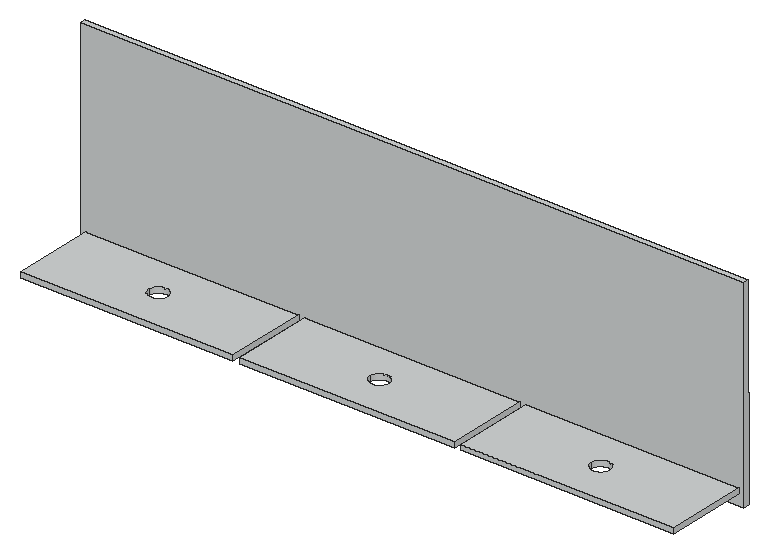
Revit family "Specialty_Equipment-Metal_Raceway-Hubbell_Wiring-Entrance_End_Fitting-HBLALU7610B2", category Specialty Equipment, host Face, Revit 2015
Parameters (values of type "HBLALU7610B2")
  URL = "http://www.hubbell-wiring.com/"
  Product data url = "https://bimobject.com/hubbellpremisewiring/product/hubbell-metal-raceway-alu7620"
  Product Page URL = "http://ecatalog.hubbell-wiring.com/ProductInformation/ViewCatalog.aspx?Dest=hubbell-wiring.com/press/catalog/r.pdf"
  Product Documentation Link = "http://www.hubbell-wiring.com/press/pdfs/h5233r08.pdf"
  Model = "HBLALU7610B2"
  Manufacturer = "Hubbell Wiring Device Kellems"  # constant formula
  Host Note = "Add in Section View; Host to Wall"  # constant formula
  Description = "Entrance  End Fitting"  # constant formula
  Default Elevation = 0.00"
  Cable Tray Material = Metal-Hubbell-Aluminium
  B = 2.31"
  Assembly Code = "D5090900"
  A = 7.62"
Reference planes (in)
  plane 1 "Outside": y = 0
  plane 2 "Wall": z = 0
  plane 3 "Left": x = -1.435
  plane 4 "Right": x = 6.185
  plane 5 "Center": x = 2.375
  plane 6 "Edge of Top": y = -0.0625
  plane 7 "Edge Of Base": y = -1.34715
  plane 8: z = 0.12
  plane 9: z = 1.44937
  plane 10: z = 2.31
  plane 11: z = 0.18
  plane 12: x = -1.375
  plane 13: x = 6.125
  plane 14: y = -1
  plane 15: y = -0.53
  plane 16: x = -0.165
  plane 17: x = 4.915
  plane 18: x = 1.105
  plane 19: x = 3.645
Forms (in)
  Extrusion 1, solid, material "Metal-Hubbell-Aluminium" <- "Cable Tray Material"
    sketch origin (0, 0, 0) x (1, 0, 0) y (0, 0, 1)
      loop
        line (-1.435, 0) -> (6.185, 0) -> (6.185, 2.31) -> (-1.435, 2.31) -> (-1.435, 0)
    from 0 to 0.0625
  Extrusion 2, solid, material "Metal-Hubbell-Aluminium" <- "Cable Tray Material"
    sketch origin (0, 0, 0) x (1, 0, 0) y (0, 0, 1)
      loop
        line (-1.375, 0.12) -> (6.125, 0.12) -> (6.125, 0.18) -> (-1.375, 0.18) -> (-1.375, 0.12)
    from 0 to 1
  Extrusion 3, void, detail levels medium+fine
    sketch origin (-1.655, 0, 0) x (1, 0, 0) y (0, 1, 0)
      loop
        circle (1.49, -0.53) r 0.11
    from 0.12 to 0.18
  Extrusion 4, void, detail levels medium+fine
    sketch origin (6.405, 0, 0) x (-1, 0, 0) y (0, -1, 0)
      loop
        circle (1.49, 0.53) r 0.11
    from 0.12 to 0.18
  Extrusion 5, void
    sketch origin (-1.27, 0, 0) x (1, 0, 0) y (0, 1, 0)
      loop
        line (2.3393, -0.0625) -> (2.3393, -1) -> (2.4107, -1) -> (2.4107, -0.0625) -> (2.3393, -0.0625)
    from 0.12 to 0.18
  Extrusion 6, void
    sketch origin (1.27, 0, 0) x (1, 0, 0) y (0, 1, 0)
      loop
        line (2.3393, -0.0625) -> (2.3393, -1) -> (2.4107, -1) -> (2.4107, -0.0625) -> (2.3393, -0.0625)
    from 0.12 to 0.18
  Extrusion 7, void, detail levels medium+fine
    sketch origin (0.885, 0, 0) x (1, 0, 0) y (0, 1, 0)
      loop
        circle (1.49, -0.53) r 0.11
    from 0.12 to 0.18
Cuts and joins
  Extrusion 4, Extrusion 5, Extrusion 6, Extrusion 7 cuts Extrusion 1
  Extrusion 3, Extrusion 4, Extrusion 5, Extrusion 6, Extrusion 7 cuts Extrusion 2
  joined: Extrusion 1, Extrusion 2
Lines and regions (in)
  reference lines
    curve 1: line (-1.435, 0, 2.31) -> (6.185, 0, 2.31)
    curve 2: line (-1.435, 0, 0) -> (-1.435, 0, 2.31)
    curve 3: line (6.185, 0, 0) -> (-1.435, 0, 0)
    curve 4: line (6.185, 0, 2.31) -> (6.185, 0, 0)
    curve 5: line (-1.375, 0, 0.18) -> (6.125, 0, 0.18)
    curve 6: line (-1.375, 0, 0.12) -> (-1.375, 0, 0.18)
    curve 7: line (6.125, 0, 0.12) -> (-1.375, 0, 0.12)
    curve 8: line (6.125, 0, 0.18) -> (6.125, 0, 0.12)
  symbolic lines
    curve 9: line (6.185, 0, 2.31) -> (-1.435, 0, 2.31)
    curve 10: line (-1.435, 0, 2.31) -> (-1.435, 0, 0)
    curve 11: line (-1.435, 0, 0) -> (6.185, 0, 0)
    curve 12: line (6.185, 0, 0) -> (6.185, 0, 2.31)
    curve 15: line (-1.435, 0, 0) -> (-1.435, 0, 2.31)
    curve 16: line (-1.435, -0.0625, 2.31) -> (-1.435, -0.0625, 0)
    curve 17: line (-1.435, 0, 2.31) -> (-1.435, -0.0625, 2.31)
    curve 18: line (-1.435, -0.0625, 0) -> (-1.435, 0, 0)
    curve 19: line (-1.435, -1, 0.12) -> (-1.435, 0, 0.12)
    curve 20: line (-1.435, 0, 0.18) -> (-1.435, -1, 0.18)
    curve 21: line (-1.435, -1, 0.18) -> (-1.435, -1, 0.12)
  symbolic lines, detail levels fine
    curve 13: line (-1.375, 0, 0.18) -> (-1.375, 0, 0.12)
    curve 14: line (6.125, 0, 0.12) -> (6.125, 0, 0.18)
    curve 33: line (-1.375, 0, 0.12) -> (6.125, 0, 0.12)
  symbolic lines, style "Symbolic lines"
    curve 22: line (6.185, 0, 0) -> (-1.435, 0, 0)
    curve 23: line (-1.435, -0.0625, 0) -> (6.185, -0.0625, 0)
    curve 24: line (-1.435, 0, 0) -> (-1.435, -0.0625, 0)
    curve 25: line (6.185, -0.0625, 0) -> (6.185, 0, 0)
    curve 26: line (6.125, -1, 0) -> (6.125, 0, 0)
    curve 27: line (-1.375, -1, 0) -> (6.125, -1, 0)
    curve 28: line (-1.375, 0, 0) -> (-1.375, -1, 0)
  symbolic lines, style "Symbolic lines", detail levels medium+fine
    curve 29: circle (-0.165, -0.53, 0) r 0.11 normal (0, 0, 1)
    curve 30: circle (4.915, -0.53, 0) r 0.11 normal (0, 0, -1)
    curve 36: line (1.0693, -0.0625, 0) -> (1.0693, -1, 0)
    curve 37: line (1.1407, -1, 0) -> (1.1407, -0.0625, 0)
    curve 50: line (3.6093, -0.0625, 0) -> (3.6093, -1, 0)
    curve 51: line (3.6807, -1, 0) -> (3.6807, -0.0625, 0)
    curve 52: arc (2.485, -0.53, 0) -> (2.375, -0.64, 0) -> (2.265, -0.53, 0) r 0.11
    curve 53: arc (2.265, -0.53, 0) -> (2.375, -0.42, 0) -> (2.485, -0.53, 0) r 0.11
    curve 54: arc (4.96678, 0, 1.07291) -> (4.915, 0, 1.82937) -> (4.86322, 0, 1.07291) r 0.38
    curve 55: line (4.86322, 0, 1.07291) -> (4.86322, 0, 1.20479)
    curve 56: arc (4.86322, 0, 1.20479) -> (4.915, 0, 1.69937) -> (4.96678, 0, 1.20479) r 0.25
    curve 57: line (4.96678, 0, 1.20479) -> (4.96678, 0, 1.07291)
    curve 58: arc (2.42678, 0, 1.07291) -> (2.375, 0, 1.82937) -> (2.32322, 0, 1.07291) r 0.38
    curve 59: line (2.32322, 0, 1.07291) -> (2.32322, 0, 1.20479)
    curve 60: arc (2.32322, 0, 1.20479) -> (2.375, 0, 1.69937) -> (2.42678, 0, 1.20479) r 0.25
    curve 61: line (2.42678, 0, 1.20479) -> (2.42678, 0, 1.07291)
    curve 62: arc (-0.11322, 0, 1.07291) -> (-0.165, 0, 1.82937) -> (-0.21678, 0, 1.07291) r 0.38
    curve 63: line (-0.21678, 0, 1.07291) -> (-0.21678, 0, 1.20479)
    curve 64: arc (-0.21678, 0, 1.20479) -> (-0.165, 0, 1.69937) -> (-0.11322, 0, 1.20479) r 0.25
    curve 65: line (-0.11322, 0, 1.20479) -> (-0.11322, 0, 1.07291)
  symbolic lines, detail levels medium+fine
    curve 31: line (-1.375, 0, 0.18) -> (-1.375, 0, 0.12)
    curve 32: line (6.125, 0, 0.18) -> (-1.375, 0, 0.18)
    curve 34: line (-1.375, 0, 0.12) -> (6.125, 0, 0.12)
    curve 35: line (6.125, 0, 0.12) -> (6.125, 0, 0.18)
  model lines, style "HBLALU7610B2", detail levels medium+fine
    curve 38: arc (4.96678, -0.0625, 1.20479) -> (4.915, -0.0625, 1.69937) -> (4.86322, -0.0625, 1.20479) r 0.25
    curve 39: arc (4.96678, -0.0625, 1.07291) -> (4.915, -0.0625, 1.82937) -> (4.86322, -0.0625, 1.07291) r 0.38
    curve 40: line (4.86322, -0.0625, 1.07291) -> (4.86322, -0.0625, 1.20479)
    curve 41: line (4.96678, -0.0625, 1.07291) -> (4.96678, -0.0625, 1.20479)
    curve 42: arc (2.42678, -0.0625, 1.20479) -> (2.375, -0.0625, 1.69937) -> (2.32322, -0.0625, 1.20479) r 0.25
    curve 43: arc (2.42678, -0.0625, 1.07291) -> (2.375, -0.0625, 1.82937) -> (2.32322, -0.0625, 1.07291) r 0.38
    curve 44: line (2.32322, -0.0625, 1.07291) -> (2.32322, -0.0625, 1.20479)
    curve 45: line (2.42678, -0.0625, 1.07291) -> (2.42678, -0.0625, 1.20479)
    curve 46: arc (-0.11322, -0.0625, 1.20479) -> (-0.165, -0.0625, 1.69937) -> (-0.21678, -0.0625, 1.20479) r 0.25
    curve 47: arc (-0.11322, -0.0625, 1.07291) -> (-0.165, -0.0625, 1.82937) -> (-0.21678, -0.0625, 1.07291) r 0.38
    curve 48: line (-0.21678, -0.0625, 1.07291) -> (-0.21678, -0.0625, 1.20479)
    curve 49: line (-0.11322, -0.0625, 1.07291) -> (-0.11322, -0.0625, 1.20479)
Dimensions and locks (in)
  locked: plane 6 "Edge of Top" to plane 1 "Outside" at 0.0625
  plane 7 "Edge Of Base" to plane 6 "Edge of Top" to plane 1 "Outside" = 1.28465" locked, 0.0625" locked
  equal spacing: plane 4 "Right", plane 5 "Center", plane 3 "Left"
  "B": plane 10 to host face
  locked: plane 8 to host face at 0.12
  locked: plane 11 to plane 8 at 0.06
  locked: plane 12 to plane 3 "Left" at 0.06
  locked: plane 4 "Right" to plane 13 at 0.06
  plane 14 to plane 1 "Outside" = 1.00"
  locked: plane 1 "Outside" to plane 14 at 1
  locked: plane 15 to plane 14 at 0.47
  "A": plane 4 "Right" to plane 3 "Left"
  plane 16 to plane 17 = 5.08"
  Extrusion 5 sketch curve to Extrusion 5 sketch curve to plane 5 "Center" = 0.0714", 1.2343"
  locked: Extrusion 3 sketch curve to plane 16 at 0
  locked: Extrusion 3 sketch curve to plane 15 at 0
  locked: Extrusion 4 sketch curve to plane 17 at 0
  locked: Extrusion 4 sketch curve to plane 15 at 0
  equal spacing: plane 16, plane 5 "Center", plane 17
  locked: plane 18 to plane 19 at 2.54
  equal spacing: plane 18, plane 5 "Center", plane 19
  Extrusion 6 sketch curve to Extrusion 6 sketch curve = 0.0714"
  aligned and locked: plane 2 "Wall" to host face
  aligned and locked: level to host face
  aligned and locked: plane 10 to curve 1
  aligned and locked: plane 3 "Left" to curve 2
  aligned and locked: level to curve 3
  aligned and locked: curve 4 to plane 4 "Right"
  aligned and locked: Extrusion 1 sketch curve to curve 2
  aligned and locked: Extrusion 1 sketch curve to curve 1
  aligned and locked: Extrusion 1 sketch curve to curve 4
  aligned and locked: Extrusion 1 sketch curve to curve 3
  aligned and locked: curve 5 to plane 11
  aligned and locked: plane 8 to curve 7
  aligned and locked: curve 8 to plane 13
  aligned and locked: plane 12 to curve 6
  aligned and locked: Extrusion 2 sketch curve to curve 6
  aligned and locked: Extrusion 2 sketch curve to curve 5
  aligned and locked: Extrusion 2 sketch curve to curve 7
  aligned and locked: Extrusion 2 sketch curve to curve 8
  aligned and locked: Extrusion 1 to plane 6 "Edge of Top"
  aligned and locked: Extrusion 2 to plane 14
  aligned and locked: curve 9 to Extrusion 1
  aligned and locked: curve 10 to Extrusion 1
  aligned and locked: curve 11 to Extrusion 1
  aligned and locked: curve 12 to Extrusion 1
  aligned and locked: curve 13 to Extrusion 2
  aligned and locked: curve 14 to Extrusion 2
  aligned and locked: curve 15 to Extrusion 1
  aligned and locked: curve 16 to Extrusion 1
  aligned and locked: curve 17 to Extrusion 1
  aligned and locked: curve 18 to Extrusion 1
  aligned and locked: curve 19 to Extrusion 2
  aligned and locked: curve 20 to Extrusion 2
  aligned and locked: curve 22 to Extrusion 1
  aligned and locked: curve 23 to Extrusion 1
  aligned and locked: curve 24 to Extrusion 1
  aligned and locked: curve 25 to Extrusion 1
  aligned and locked: curve 26 to Extrusion 2
  aligned and locked: curve 27 to Extrusion 2
  aligned and locked: curve 28 to Extrusion 2
  aligned and locked: Extrusion 3 to plane 8
  aligned and locked: plane 11 to Extrusion 3
  aligned and locked: curve 29 to cut or joined group of Extrusion 1, Extrusion 2, Extrusion 3, Extrusion 4, Extrusion 5, Extrusion 6, Extrusion 7
  aligned and locked: curve 32 to cut or joined group of Extrusion 1, Extrusion 2, Extrusion 3, Extrusion 4, Extrusion 5, Extrusion 6, Extrusion 7
  aligned and locked: curve 33 to cut or joined group of Extrusion 1, Extrusion 2, Extrusion 3, Extrusion 4, Extrusion 5, Extrusion 6, Extrusion 7
  aligned and locked: cut or joined group of Extrusion 1, Extrusion 2, Extrusion 3, Extrusion 4, Extrusion 5, Extrusion 6, Extrusion 7 to Extrusion 5 sketch curve
  aligned and locked: Extrusion 5 sketch curve to cut or joined group of Extrusion 1, Extrusion 2, Extrusion 3, Extrusion 4, Extrusion 5, Extrusion 6, Extrusion 7
  aligned and locked: Extrusion 2 to Extrusion 5  (x2)
  aligned and locked: curve 36 to cut or joined group of Extrusion 1, Extrusion 2, Extrusion 3, Extrusion 4, Extrusion 5, Extrusion 6, Extrusion 7
  aligned and locked: curve 37 to cut or joined group of Extrusion 1, Extrusion 2, Extrusion 3, Extrusion 4, Extrusion 5, Extrusion 6, Extrusion 7
  aligned and locked: plane 15 to cut or joined group of Extrusion 1, Extrusion 2, Extrusion 3, Extrusion 4, Extrusion 5, Extrusion 6, Extrusion 7
  aligned and locked: curve 50 to cut or joined group of Extrusion 1, Extrusion 2, Extrusion 3, Extrusion 4, Extrusion 5, Extrusion 6, Extrusion 7
  aligned and locked: curve 51 to cut or joined group of Extrusion 1, Extrusion 2, Extrusion 3, Extrusion 4, Extrusion 5, Extrusion 6, Extrusion 7
  aligned and locked: curve 52 to cut or joined group of Extrusion 1, Extrusion 2, Extrusion 3, Extrusion 4, Extrusion 5, Extrusion 6, Extrusion 7
  aligned and locked: curve 53 to cut or joined group of Extrusion 1, Extrusion 2, Extrusion 3, Extrusion 4, Extrusion 5, Extrusion 6, Extrusion 7
  aligned and locked: curve 54 to curve 39
  aligned and locked: curve 55 to curve 40
  aligned and locked: curve 56 to curve 38
  aligned and locked: curve 57 to curve 41
  aligned and locked: curve 58 to curve 43
  aligned and locked: curve 59 to curve 44
  aligned and locked: curve 60 to curve 42
  aligned and locked: curve 61 to curve 45
  aligned and locked: curve 62 to curve 47
  aligned and locked: curve 63 to curve 48
  aligned and locked: curve 64 to curve 46
  aligned and locked: curve 65 to curve 49
Automatic sketch dimensions
  host sketch curve to host sketch curve = 19.13682"
  host sketch curve to host sketch curve = 19.57141"
  Extrusion 7 sketch curve to plane 5 "Center" = 0.00"
  Extrusion 7 sketch curve to plane 15 = 0.00"
  curve 30 to plane 15 = 0.00"
  curve 30 to plane 17 = 0.00"
  curve 21 to plane 14 = 0.00"
  Extrusion 6 sketch curve to plane 14 = 0.00"
  Extrusion 6 sketch curve to plane 6 "Edge of Top" = 0.00"
  Extrusion 6 sketch curve to plane 19 = 0.0357"
  curve 38 to curve 39 = 0.00"  (x2)
  curve 42 to curve 43 = 0.00"  (x2)
  curve 46 to curve 47 = 0.00"  (x2)
  curve 47 to plane 9 = 0.00"
  curve 47 to plane 16 = 0.00"
  curve 43 to plane 5 "Center" = 0.00"
  curve 39 to plane 9 = 0.00"
  curve 39 to plane 17 = 0.00"
  curve 43 to plane 9 = 0.00"
  curve 47 to plane 16 = 0.05178"
  plane 16 to curve 47 = 0.05178"
  curve 44 to plane 5 "Center" = 0.05178"
  plane 5 "Center" to curve 42 = 0.05178"
  curve 38 to plane 17 = 0.05178"
  plane 17 to curve 41 = 0.05178"
  plane 9 to curve 42 = 0.24458"
  plane 9 to curve 46 = 0.24458"
  plane 9 to curve 38 = 0.24458"
  curve 47 to curve 46 = 0.13188"
  curve 43 to curve 42 = 0.13188"
  curve 41 to curve 38 = 0.13188"
  radius of Extrusion 3 sketch curve = 0.11"
  radius of Extrusion 4 sketch curve = 0.11"
  radius of Extrusion 7 sketch curve = 0.11"
  radius of curve 30 = 0.11"
